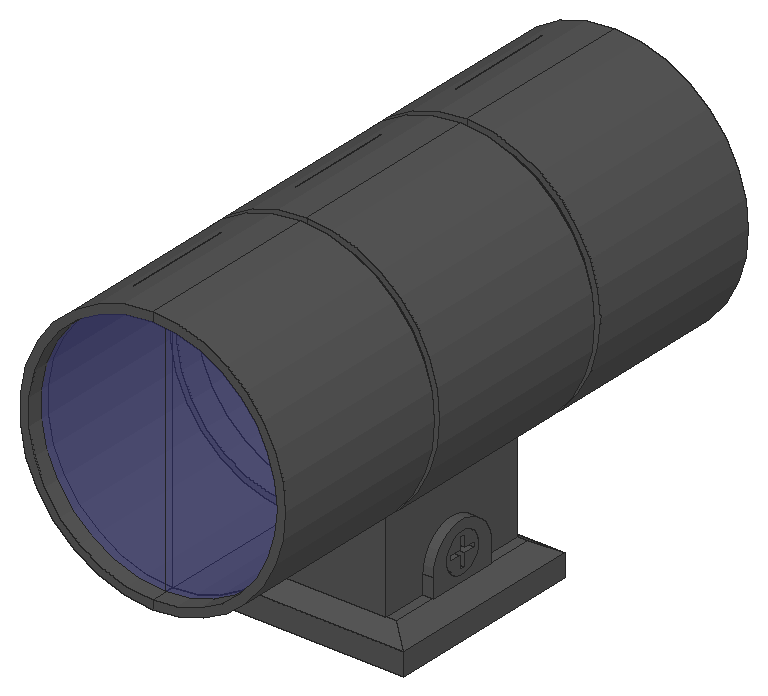
Revit family "CARLO CYLINDER LIGHT WALL MOUNT", category Lighting Fixtures, host Face, Revit 2020 (continued)
Types (10): name | Wattage_Input | Wattage Comments | Wattage | Photometric Web File | built-in parameter 1150142 | Model | built-in parameter 1150105 | Lumens | Light Length 1 | LIGHT RADIUS | LIGHT PLACEMENT | LIGHT LENGTH | LIGHT DIA | built-in parameter 1150106 | FIXED END HEIGHT | Curve base Height | Base Curve | BEAMING ANGLE | Apparent Load
    .046 46.693 \r\n 53.666 60.904 68.232 75.399 82.583 90.035 97.284 103.95 110.01 115.46 \r\n 119.9 122.63 124.44 125.88 126.99 128.04 128.98 129.82 130.64 131.56 \r\n 132.53 133.56 134.62 135.68 136.76 137.85 138.99 140.22 141.59 143.16 \r\n 144.96 146.97 149.33 152.18 155.5 159.27 163.63 168.64 174.54 181.58 \r\n 189.83 198.92 210.41 226.47 244.84 263.74 283.78 303.91 327.33 357.93 \r\n 392.65 429.55 469.1 511.36 555.55 600.88 647.54 695.65 744.64 793.85 \r\n 843.67 894.61 945.57 995.89 1044.8 1091.7 1135.5 1175 1210.5 1241.4 \r\n 1269.2 1294.6 1318.5 1343 1366.5 1388.7 1408.8 1426.2 1439.6 1447.3 \r\n 1452.3 \r\n1448.4 1448.7 1443.1 1432.7 1418.6 1401.2 1381.3 1360.5 1337.9 1313.8 \r\n 1287.1 1257.4 1223.8 1184.6 1141.6 1095.7 1048.1 999.89 950.93 901.25 \r\n 851.08 800.46 750.01 700.37 651.51 603.34 556.71 512.45 470.49 431.02 \r\n 394.07 359.61 327.95 299.2 273.88 253.09 235.33 219.37 205.6 194.09 \r\n 184.52 176.67 170.17 164.61 159.91 155.87 152.4 149.38 146.76 144.48 \r\n 142.48 140.68 139.13 137.9 136.84 135.84 134.88 133.83 132.8 131.82 \r\n 130.91 130.11 129.36 128.6 127.83 127.08 126.19 125.02 123.61 122.13 \r\n 120.06 116.87 112.78 107.78 102.08 95.83 89.17 82.293 75.147 67.656 \r\n 60.08 52.592 45.387 38.807 32.577 26.219 20.682 16.956 14.433 13.022 \r\n 12.153 11.183 10.24 9.2167 8.1807 7.1301 6.1696 5.3973 4.8315 4.5925 \r\n 4.4722 4.2774 4.0831 3.9002 3.7286 3.5736 3.4294 3.2927 3.1611 3.0329 \r\n 2.9034 2.7681 2.6248 2.4613 2.3027 2.1821 2.0625 1.9072 1.7481 1.6082 \r\n 1.4768 1.354 1.2305 1.0877 0.95257 0.85516 0.7671 0.66295 0.56395 0.48471 \r\n 0.41962 0.3688 0.32965 0.30114 0.27868 0.256 0.23713 0.2255 0.21665 0.20806 \r\n 0.20037 0.1937 0.18701 0.17887 0.17051 0.16288 0.15545 0.14805 0.14059 0.13294 \r\n 0.12512 0.11677 0.10896 0.10315 0.097796 0.091857 0.085366 0.077642 0.069774 0.063022 \r\n 0.056197 0.047952 0.040013 0.033629 0.028873 0.02719 0.025711 0.021392 0.016199 0.010903 \r\n 0.0060482 0.0024295 0.000071 0 0 0 0 0 0 0 \r\n 0 0 0 0 0 0 0.000009 0.00032452 0.00099343 0.0023631 \r\n 0.0038266 0.004737 0.0055617 0.0064015 0.007709 0.010113 0.013187 0.016544 0.020688 0.025271 \r\n 0.032452 0.046698 0.060734 0.067047 0.070821 0.074579 0.078797 0.085439 0.092562 0.098554 \r\n 0.10439 0.11035 0.11687 0.12486 0.13318 0.14053 0.14826 0.15786 0.16756 0.17545 \r\n 0.18342 0.1931 0.20335 0.21336 0.22388 0.2342 0.2491 0.27505 0.30628 0.33549 \r\n 0.37364 0.42908 0.50238 0.6032 0.71257 0.80514 0.90968 1.0586 1.2156 1.35 \r\n 1.4774 1.5982 1.7276 1.894 2.059 2.1792 2.2989 2.4584 2.6268 2.7887 \r\n 2.9392 3.0593 3.1758 3.3135 3.4592 3.6079 3.7609 3.9152 4.0795 4.2664 \r\n 4.4625 4.6477 4.8557 5.0684 5.4206 6.0846 6.9285 7.8738 8.932 10.126 \r\n 11.344 12.266 13.533 15.647 18.704 23.123 28.443 34.397 40.827 47.472 \r\n 54.381 61.569 68.874 76.129 83.371 90.715 97.772 104.14 109.98 115.54 \r\n 120.15 122.97 124.83 126.24 127.32 128.41 129.4 130.23 131.04 131.96 \r\n 132.92 133.92 134.94 135.99 137.06 138.15 139.29 140.5 141.84 143.39 \r\n 145.15 147.1 149.4 152.2 155.47 159.21 163.55 168.52 174.37 181.33 \r\n 189.5 198.41 210.03 227.3 246.88 266.09 285.8 304.55 326.58 356.94 \r\n 391.71 428.44 467.77 509.81 553.77 598.79 645.25 693.52 742.71 791.92 \r\n 841.6 892.25 942.91 993.06 1041.9 1089 1133.1 1172.3 1207.5 1238.5 \r\n 1266.5 1292 1316.3 1340.9 1364.6 1387 1407.3 1424.9 1438.6 1446.8 \r\n 1452.3 \r\n1448.4 1448.2 1441.8 1430.8 1416.1 1398.1 1378 1357.2 1334.7 1310.2 \r\n 1283.2 1253.2 1219.1 1179.5 1135.9 1089.4 1041.1 992.48 943.23 893.44 \r\n 843.23 792.53 742.08 692.67 644.09 596.02 549.5 505.54 463.97 424.97 \r\n 388.51 354.44 323.25 295.38 270.8 249.82 231.88 216.68 203.81 192.76 \r\n 183.49 175.9 169.6 164.18 159.56 155.59 152.17 149.17 146.56 144.32 \r\n 142.35 140.54 138.97 137.78 136.76 135.74 134.73 133.69 132.65 131.66 \r\n 130.75 129.98 129.27 128.55 127.8 127.06 126.18 125.02 123.61 122.09 \r\n 119.92 116.47 112.14 107.15 101.53 95.303 88.682 81.914 74.893 67.528 \r\n 60.023 52.434 45.113 38.552 32.387 26.08 20.643 17.155 14.875 13.603 \r\n 12.798 11.79 10.771 9.6984 8.6042 7.4628 6.4006 5.5192 4.8669 4.6101 \r\n 4.4955 4.2965 4.0993 3.9158 3.7421 3.5784 3.4251 3.2846 3.1521 3.0269 \r\n 2.8994 2.7573 2.6073 2.4455 2.291 2.175 2.0577 1.8954 1.7301 1.5968 \r\n 1.4729 1.3482 1.2211 1.0781 0.94488 0.85382 0.77129 0.66528 0.56334 0.48537 \r\n 0.42228 0.37212 0.33352 0.30621 0.28498 0.26313 0.24482 0.23342 0.22456 0.21602 \r\n 0.20849 0.20245 0.19643 0.1887 0.18048 0.17248 0.16446 0.15644 0.14843 0.14041 \r\n 0.1324 0.12414 0.11637 0.11008 0.1043 0.098534 0.092278 0.084289 0.076294 0.070262 \r\n 0.064229 0.056235 0.048243 0.041466 0.036179 0.034131 0.032101 0.026637 0.020181 0.013929 \r\n 0.0081593 0.0033822 0.000096 0 0 0 0 0 0 0 \r\n 0 0 0 0 0 0 0 0 0 0 \r\n 0 0 0 0 0 0.0014816 0.0039591 0.0074417 0.011926 0.016423 \r\n 0.023902 0.040049 0.055734 0.061362 0.064014 0.06779 0.072028 0.077767 0.084008 0.090018 \r\n 0.096029 0.10178 0.10802 0.11576 0.124 0.13176 0.14003 0.15002 0.16001 0.16805 \r\n 0.17609 0.18584 0.19608 0.20585 0.21612 0.22564 0.24011 0.26772 0.29983 0.32565 \r\n 0.35994 0.41502 0.48747 0.59085 0.70238 0.79244 0.89502 1.0485 1.2101 1.3426 \r\n 1.4672 1.5886 1.7198 1.8885 2.0554 2.1742 2.293 2.4562 2.6284 2.7893 \r\n 2.9373 3.0555 3.1705 3.3076 3.4545 3.6065 3.7659 3.9328 4.1101 4.3054 \r\n 4.5062 4.6855 4.895 5.1283 5.5332 6.318 7.2951 8.3385 9.4704 10.7 \r\n 11.94 12.918 14.198 16.178 19.074 23.376 28.662 34.792 41.413 48.069 \r\n 54.937 62.092 69.387 76.731 84.028 91.246 98.104 104.21 109.86 115.5 \r\n 120.28 123.22 125.16 126.55 127.61 128.73 129.75 130.58 131.38 132.3 \r\n 133.27 134.23 135.21 136.24 137.3 138.39 139.53 140.71 142.03 143.55 \r\n 145.27 147.16 149.4 152.13 155.35 159.05 163.34 168.26 174.05 180.92 \r\n 189 197.76 209.46 227.61 248.04 267.4 286.78 304.52 325.53 355.67 \r\n 390.42 426.91 465.97 507.76 551.47 596.23 642.51 690.9 740.25 789.45 \r\n 839.01 889.37 939.73 989.72 1038.6 1085.9 1130.1 1169.2 1204.2 1235.3 \r\n 1263.4 1289.2 1313.7 1338.5 1362.4 1385 1405.6 1423.5 1437.6 1446.3 \r\n 1452.3 \r\n" | "CCL3-09-10SPSW8-PC-25-WM-BK" | 1664 (stored number, unit not read) | 850 lm | 0' - 2.99349" | 0' - 1 1/2" | 0' - 3 117/128" | 0' - 8 251/256" | 0' - 3" | 16.64 (stored number, unit not read) | 0' - 5 53/128" | 0' - 3 1/2" | 0' - 1 77/128" | 25.00° | 12.5 VA
  CCL3-09-10SPSW8-PC-40-WM-BK | 10 W | "6W/8W/10W" | 6.3955 W | "CCL3 10W 3000K 40° (up and down light).IES" | "IESNA:LM-63-2002\r\n[TEST] CCL3 10W 3000K 40¡ã (up and down light)\r\n[TESTLAB] EVERFINE\r\n[TESTDATE] 2024-03-13\r\n[ISSUEDATE] 2024-03-13 10:08:26\r\n[NEARFIELD] \r\n[LAMPPOSITION] 0,0\r\n[OTHER] EVERFINE GO-2000_V1 SYSTEM\r\n[MANUFAC] Aboveall lighting\r\nTILT=NONE\r\n1 812.72 1 361 73 1 2 -0.018 -0.018 0.000\r\n1.000 1 9.43448\r\n0.0    0.5    1.0    1.5    2.0    2.5    3.0    3.5    4.0    4.5    \r\n 5.0    5.5    6.0    6.5    7.0    7.5    8.0    8.5    9.0    9.5    \r\n 10.0   10.5   11.0   11.5   12.0   12.5   13.0   13.5   14.0   14.5   \r\n 15.0   15.5   16.0   16.5   17.0   17.5   18.0   18.5   19.0   19.5   \r\n 20.0   20.5   21.0   21.5   22.0   22.5   23.0   23.5   24.0   24.5   \r\n 25.0   25.5   26.0   26.5   27.0   27.5   28.0   28.5   29.0   29.5   \r\n 30.0   30.5   31.0   31.5   32.0   32.5   33.0   33.5   34.0   34.5   \r\n 35.0   35.5   36.0   36.5   37.0   37.5   38.0   38.5   39.0   39.5   \r\n 40.0   40.5   41.0   41.5   42.0   42.5   43.0   43.5   44.0   44.5   \r\n 45.0   45.5   46.0   46.5   47.0   47.5   48.0   48.5   49.0   49.5   \r\n 50.0   50.5   51.0   51.5   52.0   52.5   53.0   53.5   54.0   54.5   \r\n 55.0   55.5   56.0   56.5   57.0   57.5   58.0   58.5   59.0   59.5   \r\n 60.0   60.5   61.0   61.5   62.0   62.5   63.0   63.5   64.0   64.5   \r\n 65.0   65.5   66.0   66.5   67.0   67.5   68.0   68.5   69.0   69.5   \r\n 70.0   70.5   71.0   71.5   72.0   72.5   73.0   73.5   74.0   74.5   \r\n 75.0   75.5   76.0   76.5   77.0   77.5   78.0   78.5   79.0   79.5   \r\n 80.0   80.5   81.0   81.5   82.0   82.5   83.0   83.5   84.0   84.5   \r\n 85.0   85.5   86.0   86.5   87.0   87.5   88.0   88.5   89.0   89.5   \r\n 90.0   90.5   91.0   91.5   92.0   92.5   93.0   93.5   94.0   94.5   \r\n 95.0   95.5   96.0   96.5   97.0   97.5   98.0   98.5   99.0   99.5   \r\n 100.0  100.5  101.0  101.5  102.0  102.5  103.0  103.5  104.0  104.5  \r\n 105.0  105.5  106.0  106.5  107.0  107.5  108.0  108.5  109.0  109.5  \r\n 110.0  110.5  111.0  111.5  112.0  112.5  113.0  113.5  114.0  114.5  \r\n 115.0  115.5  116.0  116.5  117.0  117.5  118.0  118.5  119.0  119.5  \r\n 120.0  120.5  121.0  121.5  122.0  122.5  123.0  123.5  124.0  124.5  \r\n 125.0  125.5  126.0  126.5  127.0  127.5  128.0  128.5  129.0  129.5  \r\n 130.0  130.5  131.0  131.5  132.0  132.5  133.0  133.5  134.0  134.5  \r\n 135.0  135.5  136.0  136.5  137.0  137.5  138.0  138.5  139.0  139.5  \r\n 140.0  140.5  141.0  141.5  142.0  142.5  143.0  143.5  144.0  144.5  \r\n 145.0  145.5  146.0  146.5  147.0  147.5  148.0  148.5  149.0  149.5  \r\n 150.0  150.5  151.0  151.5  152.0  152.5  153.0  153.5  154.0  154.5  \r\n 155.0  155.5  156.0  156.5  157.0  157.5  158.0  158.5  159.0  159.5  \r\n 160.0  160.5  161.0  161.5  162.0  162.5  163.0  163.5  164.0  164.5  \r\n 165.0  165.5  166.0  166.5  167.0  167.5  168.0  168.5  169.0  169.5  \r\n 170.0  170.5  171.0  171.5  172.0  172.5  173.0  173.5  174.0  174.5  \r\n 175.0  175.5  176.0  176.5  177.0  177.5  178.0  178.5  179.0  179.5  \r\n 180.0  \r\n0.0    5.0    10.0   15.0   20.0   25.0   30.0   35.0   40.0   45.0   \r\n 50.0   55.0   60.0   65.0   70.0   75.0   80.0   85.0   90.0   95.0   \r\n 100.0  105.0  110.0  115.0  120.0  125.0  130.0  135.0  140.0  145.0  \r\n 150.0  155.0  160.0  165.0  170.0  175.0  180.0  185.0  190.0  195.0  \r\n 200.0  205.0  210.0  215.0  220.0  225.0  230.0  235.0  240.0  245.0  \r\n 250.0  255.0  260.0  265.0  270.0  275.0  280.0  285.0  290.0  295.0  \r\n 300.0  305.0  310.0  315.0  320.0  325.0  330.0  335.0  340.0  345.0  \r\n 350.0  355.0  360.0  \r\n892.81 895.58 894.55 891.61 887.34 882.33 876.39 869.5 861.67 852.87 \r\n 843.22 832.85 821.75 810.08 797.49 783.51 768.63 753.19 737.13 720.52 \r\n 703.35 685.54 667.36 649.14 630.68 611.88 592.74 573.23 553.32 532.87 \r\n 512.24 491.73 471.36 451.31 431.42 411.52 391.91 372.9 354.3 336.06 \r\n 318.14 300.31 283.14 267.18 252.18 237.87 224.79 213.46 203.65 195.43 \r\n 188.49 182.64 177.61 173.06 169.05 165.61 162.55 159.65 156.93 154.36 \r\n 151.98 149.87 147.93 146.07 144.33 142.72 141.19 139.77 138.29 136.89 \r\n 134.75 130.69 125.97 121.94 117.14 110.18 102.23 93.99 85.447 76.709 \r\n 68.074 59.995 52.12 44.083 36.381 29.356 23.112 17.753 13.627 11.415 \r\n 10.221 9.4426 8.88 8.0455 7.1969 6.4162 5.7438 5.267 4.9278 4.7304 \r\n 4.5755 4.3471 4.1003 3.8426 3.5996 3.408 3.2413 3.0843 2.9401 2.8085 \r\n 2.6831 2.558 2.4306 2.2905 2.1544 2.0384 1.9333 1.8377 1.7447 1.6418 \r\n 1.5444 1.4692 1.4 1.3251 1.2478 1.1645 1.0837 1.0151 0.95105 0.8854 \r\n 0.82277 0.76681 0.71434 0.66344 0.61407 0.56496 0.51785 0.47391 0.43357 0.40461 \r\n 0.37717 0.34092 0.30521 0.27665 0.25305 0.23663 0.22074 0.19655 0.17285 0.15722 \r\n 0.14456 0.13225 0.12047 0.10795 0.096425 0.088111 0.080304 0.070553 0.060313 0.05005 \r\n 0.040277 0.031743 0.024205 0.017918 0.012141 0.0054023 0.0001522 0 0 0 \r\n 0 0 0 0 0 0 0 0 0 0 \r\n 0 0 0 0 0 0 0 0 0 0 \r\n 0 0 0 0 0 0 0 0 0 0 \r\n 0 0.0032134 0.007924 0.012913 0.019901 0.031104 0.043815 0.055085 0.067859 0.085826 \r\n 0.1038 0.11536 0.1279 0.14708 0.17173 0.20635 0.23955 0.2563 0.27205 0.29922 \r\n 0.33182 0.36952 0.40778 0.43965 0.47203 0.50928 0.55199 0.60517 0.65989 0.7053 \r\n 0.75222 0.81096 0.87611 0.94618 1.0198 1.0941 1.1719 1.2597 1.344 1.403 \r\n 1.4688 1.5787 1.696 1.7889 1.8808 1.9866 2.1008 2.2286 2.3529 2.448 \r\n 2.5459 2.6701 2.8215 3.014 3.2329 3.4729 3.7196 3.9422 4.1848 4.4816 \r\n 4.8316 5.2615 5.7223 6.1721 6.6159 7.0244 7.458 7.9782 8.5531 9.1733 \r\n 9.8333 10.309 11.246 13.135 16.221 21.124 27.217 34.09 41.712 50.003 \r\n 58.707 67.621 76.51 85.013 93.308 101.54 109.44 116.93 123.66 129.23 \r\n 133.76 137.06 139.6 141.73 143.59 145.48 147.35 149.21 151.17 153.3 \r\n 155.66 158.31 161.21 164.33 167.75 171.49 175.62 180.15 185.28 191.15 \r\n 197.96 205.82 215.21 227.22 240.21 252.29 265.27 280.7 297.51 315.2 \r\n 333.62 352.57 371.79 390.87 410.14 429.86 449.88 470.3 490.67 510.34 \r\n 530.05 550.6 571.13 591 610.37 629.05 647.39 665.86 683.94 701.22 \r\n 717.81 733.65 748.85 763.42 777.75 792.65 806.89 819.31 830.47 840.52 \r\n 849.59 857.93 865.3 871.36 876.6 881.45 885.7 889.35 892.2 894.03 \r\n 896.17 \r\n892.81 895.7 894.83 892 887.81 882.88 877 870.12 862.36 853.79 \r\n 844.39 834.1 823.05 811.46 798.96 785.08 770.3 754.93 738.98 722.59 \r\n 705.63 687.85 669.68 651.57 633.23 614.48 595.37 575.9 556.03 535.61 \r\n 515.03 494.71 474.51 454.42 434.48 414.61 395.05 376.05 357.45 339.15 \r\n 321.19 303.41 286.26 270.09 254.9 240.82 227.87 216 205.55 197.03 \r\n 189.92 183.92 178.78 174.15 170.08 166.57 163.45 160.5 157.77 155.18 \r\n 152.8 150.66 148.68 146.79 145.02 143.4 141.88 140.45 138.99 137.56 \r\n 135.51 131.89 127.63 123.79 119.08 112.15 104.19 95.949 87.436 78.854 \r\n 70.35 62.216 54.213 46.04 38.177 30.962 24.518 18.988 14.651 12.058 \r\n 10.531 9.7064 9.1844 8.3492 7.4815 6.6291 5.8748 5.3372 4.957 4.7551 \r\n 4.6096 4.3856 4.1421 3.8842 3.6389 3.4432 3.2722 3.1129 2.9667 2.8328 \r\n 2.7046 2.5753 2.4451 2.3093 2.1764 2.053 1.9398 1.8437 1.7527 1.6529 \r\n 1.5566 1.4743 1.3981 1.325 1.2503 1.1639 1.0796 1.0111 0.94887 0.88769 \r\n 0.82828 0.76854 0.71174 0.66182 0.61469 0.56707 0.52058 0.47496 0.43259 0.40201 \r\n 0.37372 0.33874 0.30419 0.27415 0.24879 0.23232 0.21678 0.19265 0.1689 0.15311 \r\n 0.14004 0.12664 0.11383 0.10111 0.089663 0.081452 0.073627 0.06326 0.052542 0.042713 \r\n 0.033689 0.025784 0.019034 0.013892 0.0094073 0.004102 0 0 0 0 \r\n 0 0 0 0 0 0 0 0 0 0 \r\n 0 0 0 0 0 0 0 0 0 0 \r\n 0 0 0 0 0.000029 0.0013854 0.002913 0.0036177 0.0043098 0.005112 \r\n 0.0070935 0.011844 0.017925 0.023846 0.031355 0.042424 0.054886 0.06653 0.07947 0.096395 \r\n 0.11337 0.12523 0.13839 0.1578 0.1827 0.21791 0.25163 0.26838 0.28406 0.31141 \r\n 0.34447 0.38331 0.42271 0.45494 0.48757 0.52566 0.56904 0.62225 0.67742 0.7249 \r\n 0.77458 0.83494 0.90059 0.96822 1.0401 1.1183 1.1998 1.2843 1.3649 1.4252 \r\n 1.494 1.607 1.7268 1.8191 1.9102 2.0171 2.1327 2.2608 2.3852 2.4799 \r\n 2.5775 2.7009 2.8528 3.0499 3.2735 3.5145 3.7609 3.9817 4.2236 4.5249 \r\n 4.8799 5.3126 5.7718 6.2067 6.64 7.0625 7.5198 8.0673 8.6663 9.2914 \r\n 9.9574 10.431 11.431 13.562 16.931 22.046 28.307 35.308 42.98 51.153 \r\n 59.727 68.659 77.607 86.167 94.487 102.68 110.46 117.57 123.98 129.69 \r\n 134.37 137.47 139.78 141.89 143.79 145.64 147.47 149.36 151.36 153.52 \r\n 155.91 158.58 161.51 164.63 168.05 171.84 176.03 180.61 185.81 191.78 \r\n 198.72 206.74 216.27 228.23 241.23 253.67 267.06 282.68 299.54 317.09 \r\n 335.35 354.26 373.5 392.71 412.07 431.58 451.38 471.82 492.26 511.88 \r\n 531.52 552.11 572.65 592.3 611.44 630.1 648.46 666.92 684.98 702.24 \r\n 718.8 734.55 749.72 764.4 778.85 793.74 807.9 820.18 831.21 841.21 \r\n 850.25 858.56 865.88 871.88 877.04 881.81 885.98 889.59 892.41 894.21 \r\n 896.17 \r\n892.81 895.81 895.08 892.38 888.3 883.44 877.61 870.77 863.08 854.79 \r\n 845.66 835.46 824.44 812.94 800.54 786.79 772.14 756.86 741.01 724.86 \r\n 708.13 690.42 672.29 654.29 636.04 617.31 598.2 578.76 558.94 538.53 \r\n 518.01 497.9 477.89 457.76 437.72 417.9 398.4 379.41 360.77 342.4 \r\n 324.37 306.65 289.53 273.2 257.89 244.02 231.17 218.73 207.61 198.77 \r\n 191.46 185.3 180.05 175.34 171.2 167.62 164.42 161.43 158.67 156.09 \r\n 153.7 151.52 149.51 147.58 145.79 144.15 142.62 141.18 139.71 138.25 \r\n 136.29 133.17 129.42 125.7 120.98 114.07 106.13 97.912 89.449 81.045 \r\n 72.681 64.476 56.328 48.025 40.005 32.582 25.922 20.238 15.705 12.715 \r\n 10.832 9.9485 9.4606 8.6292 7.751 6.8352 6.0054 5.4073 4.9841 4.7751 \r\n 4.6369 4.4185 4.1809 3.925 3.6787 3.4776 3.3004 3.1377 2.9892 2.8534 \r\n 2.7233 2.5898 2.457 2.3258 2.1962 2.0652 1.9436 1.8471 1.758 1.6611 \r\n 1.5657 1.4761 1.3926 1.3209 1.2487 1.1591 1.0714 1.0034 0.94348 0.88701 \r\n 0.83083 0.7668 0.70529 0.65693 0.61284 0.56705 0.52136 0.47408 0.42966 0.3972 \r\n 0.36794 0.33475 0.30189 0.27026 0.24283 0.22584 0.21033 0.18657 0.16316 0.14715 \r\n 0.13349 0.11903 0.10519 0.092017 0.080399 0.072294 0.064513 0.053485 0.042314 0.033198 \r\n 0.025285 0.018344 0.012711 0.009023 0.0061394 0.002659 0 0 0 0 \r\n 0 0 0 0 0 0 0 0 0 0 \r\n 0 0 0 0 0 0 0 0 0 0 \r\n 0 0 0 0 0.000060 0.0028421 0.0060271 0.0076317 0.0093073 0.011874 \r\n 0.015843 0.022543 0.030333 0.037447 0.045593 0.056336 0.068336 0.080465 0.093656 0.10921 \r\n 0.1249 0.1373 0.15137 0.17098 0.19589 0.23097 0.26467 0.28187 0.29813 0.32586 \r\n 0.35938 0.39895 0.43912 0.47196 0.50524 0.54445 0.58859 0.64164 0.69719 0.74765 \r\n 0.80059 0.86282 0.92902 0.99417 1.064 1.1458 1.2304 1.3109 1.3876 1.4507 \r\n 1.5235 1.638 1.7585 1.8511 1.9426 2.0513 2.1684 2.2963 2.4204 2.5164 \r\n 2.6151 2.737 2.8881 3.0887 3.3161 3.5578 3.8037 4.0237 4.2646 4.5653 \r\n 4.9202 5.3558 5.8144 6.2324 6.654 7.0928 7.576 8.1497 8.7707 9.3973 \r\n 10.072 10.563 11.648 14.036 17.686 22.97 29.359 36.5 44.234 52.25 \r\n 60.65 69.582 78.588 87.226 95.598 103.77 111.41 118.12 124.19 130.02 \r\n 134.88 137.81 139.91 142.01 143.94 145.75 147.56 149.48 151.52 153.72 \r\n 156.12 158.82 161.75 164.87 168.3 172.11 176.35 180.98 186.23 192.3 \r\n 199.36 207.54 217.17 228.99 241.91 254.78 268.64 284.46 301.37 318.77 \r\n 336.83 355.67 374.92 394.29 413.75 433.05 452.61 473.05 493.55 513.17 \r\n 532.81 553.4 573.87 593.32 612.26 630.9 649.29 667.72 685.76 703.02 \r\n 719.59 735.29 750.43 765.26 779.83 794.66 808.7 820.86 831.81 841.81 \r\n 850.87 859.14 866.4 872.34 877.44 882.12 886.21 889.79 892.6 894.38 \r\n 896.17 \r\n892.81 895.91 895.32 892.74 888.78 883.99 878.22 871.41 863.82 855.81 \r\n 846.96 836.83 825.85 814.42 802.12 788.53 774.03 758.84 743.11 727.19 \r\n 710.68 693.08 675.02 657.11 638.92 620.19 601.07 581.66 561.88 541.48 \r\n 521.02 501.14 481.32 461.13 441 421.23 401.8 382.79 364.1 345.63 \r\n 327.53 309.87 292.81 276.36 260.95 247.27 234.48 221.48 209.7 200.54 \r\n 193.02 186.7 181.34 176.54 172.34 168.68 165.42 162.39 159.59 157.01 \r\n 154.61 152.41 150.36 148.4 146.58 144.93 143.38 141.92 140.43 138.92 \r\n 137.04 134.45 131.22 127.53 122.73 115.86 107.99 99.808 91.411 83.18 \r\n 74.947 66.665 58.367 49.939 41.77 34.138 27.263 21.436 16.721 13.341 \r\n 11.101 10.148 9.6839 8.859 7.9794 7.0146 6.1235 5.4721 5.0087 4.791 \r\n 4.6574 4.4453 4.215 3.963 3.7175 3.5107 3.3264 3.1599 3.0087 2.8714 \r\n 2.7398 2.6029 2.4679 2.341 2.2146 2.0763 1.9466 1.8498 1.7627 1.6682 \r\n 1.5732 1.4767 1.3862 1.3157 1.2456 1.1528 1.062 0.99483 0.93743 0.88547 \r\n 0.83223 0.76372 0.69744 0.65092 0.61017 0.56638 0.5216 0.47272 0.42635 0.39199 \r\n 0.36178 0.33064 0.29973 0.26655 0.23693 0.21906 0.20329 0.18011 0.1573 0.14101 \r\n 0.1267 0.11132 0.096537 0.082729 0.070716 0.062649 0.054914 0.043278 0.031753 0.023494 \r\n 0.016834 0.01094 0.0064763 0.0042799 0.0030029 0.0012844 0 0 0 0 \r\n 0 0 0 0 0 0 0 0 0 0 \r\n 0 0 0 0 0 0 0 0 0 0 \r\n 0 0 0 0 0.000088 0.004188 0.0089441 0.011502 0.014283 0.018782 \r\n 0.02492 0.033735 0.043376 0.051796 0.060623 0.070919 0.082341 0.095056 0.10859 0.12261 \r\n 0.13689 0.15009 0.16531 0.18513 0.20983 0.24417 0.27737 0.29542 0.31282 0.34116 \r\n 0.37513 0.41501 0.4556 0.48931 0.52364 0.56413 0.60903 0.66177 0.71764 0.77142 \r\n 0.82795 0.89194 0.95855 1.0216 1.0898 1.1744 1.2613 1.3378 1.4108 1.4779 \r\n 1.5555 1.6699 1.7896 1.8832 1.9763 2.0874 2.2066 2.3339 2.4574 2.5562 \r\n 2.6574 2.7781 2.9278 3.1308 3.361 3.6033 3.8488 4.0688 4.3084 4.604 \r\n 4.9535 5.3883 5.8439 6.245 6.6557 7.1126 7.6227 8.2203 8.8608 9.4842 \r\n 10.17 10.71 11.91 14.569 18.5 23.925 30.412 37.694 45.496 53.348 \r\n 61.56 70.473 79.522 88.242 96.675 104.83 112.34 118.65 124.38 130.3 \r\n 135.31 138.1 140.03 142.12 144.08 145.86 147.64 149.6 151.69 153.92 \r\n 156.34 159.05 161.99 165.1 168.53 172.38 176.66 181.32 186.63 192.8 \r\n 199.97 208.3 218.03 229.65 242.48 255.77 270.12 286.14 303.1 320.33 \r\n 338.2 356.96 376.22 395.73 415.29 434.4 453.74 474.16 494.7 514.37 \r\n 534.04 554.57 574.94 594.2 612.98 631.59 650 668.39 686.39 703.68 \r\n 720.28 735.96 751.12 766.09 780.78 795.5 809.38 821.46 832.36 842.38 \r\n 851.46 859.68 866.88 872.78 877.83 882.42 886.43 889.98 892.78 894.55 \r\n 896.17 \r\n892.81 896 895.52 893.08 889.23 884.51 878.79 872.03 864.53 856.78 \r\n 848.19 838.15 827.2 815.84 803.63 790.2 775.87 760.77 745.14 729.42 \r\n 713.11 695.66 677.71 659.87 641.71 622.96 603.83 584.45 564.72 544.34 \r\n 523.93 504.25 484.62 464.36 444.14 424.43 405.05 386.01 367.27 348.7 \r\n 330.52 312.92 295.91 279.4 263.91 250.34 237.55 224.05 211.7 202.24 \r\n 194.52 188.04 182.56 177.69 173.43 169.71 166.38 163.31 160.49 157.89 \r\n 155.49 153.26 151.18 149.19 147.34 145.67 144.1 142.61 141.11 139.53 \r\n 137.73 135.64 132.89 129.16 124.22 117.44 109.68 101.57 93.245 85.16 \r\n 77.03 68.672 60.234 51.686 43.375 35.551 28.478 22.519 17.632 13.89 \r\n 11.317 10.284 9.8294 9.0123 8.1406 7.1474 6.2171 5.5261 5.0307 4.8035 \r\n 4.6711 4.4651 4.2429 3.9965 3.7534 3.5419 3.3509 3.1804 3.0262 2.8875 \r\n 2.7549 2.6156 2.4794 2.3562 2.2323 2.0873 1.9506 1.8539 1.7689 1.6758 \r\n 1.5806 1.4779 1.3816 1.3121 1.2437 1.1481 1.0545 0.98828 0.9333 0.88521 \r\n 0.83431 0.76145 0.69066 0.64588 0.60835 0.56652 0.52268 0.47237 0.42422 0.38817 \r\n 0.35718 0.3281 0.29912 0.26455 0.23284 0.21387 0.19762 0.17507 0.15298 0.1364 \r\n 0.12145 0.10539 0.089881 0.075313 0.0627 0.05453 0.046782 0.034692 0.022982 0.015591 \r\n 0.010108 0.0050903 0.0015688 0.00062373 0.00066318 0.00027499 0 0 0 0 \r\n 0 0 0 0 0 0 0 0 0 0 \r\n 0 0 0 0 0 0 0 0 0 0 \r\n 0 0 0 0 0.00011126 0.0052414 0.011266 0.01469 0.018528 0.024824 \r\n 0.032998 0.043847 0.055284 0.064972 0.074452 0.084252 0.095077 0.10847 0.12246 0.13495 \r\n 0.14788 0.1621 0.1787 0.19873 0.22307 0.25611 0.28839 0.30768 0.32675 0.3559 \r\n 0.39031 0.43007 0.47071 0.50561 0.54138 0.58316 0.62875 0.68112 0.73722 0.79433 \r\n 0.85438 0.91963 0.98635 1.0481 1.1153 1.202 1.2903 1.3631 1.4333 1.5053 \r\n 1.5882 1.7013 1.8188 1.9137 2.0093 2.1239 2.2459 2.3722 2.495 2.5978 \r\n 2.703 2.8234 2.9723 3.1769 3.4088 3.6515 3.8969 4.1177 4.3556 4.6422 \r\n 4.9806 5.4074 5.8546 6.24 6.6428 7.1189 7.6558 8.2743 8.9308 9.5453 \r\n 10.248 10.873 12.229 15.175 19.389 24.938 31.504 38.919 46.789 54.497 \r\n 62.536 71.411 80.476 89.265 97.753 105.89 113.29 119.25 124.65 130.6 \r\n 13
